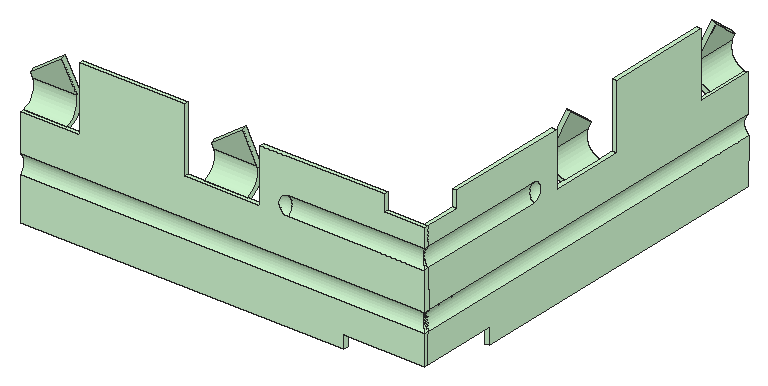
Revit family "tbarjoint_cross2", category 機械設備, Revit 2022
Family settings
  丸型コネクタ寸法 = 直径を使用
  種別 = なし
  パーツ タイプ = 標準
  作業面ベース = いいえ
  常に垂直 = はい
  ロード時にボイドで切り取り = いいえ
  注釈の向きを維持 = いいえ
  共有 = いいえ
  部屋計算ポイント = いいえ
Parameters
  製造元 = "株式会社桐井製作所"
  既定の高さ = 0 mm
  URL = "https://www.kirii.co.jp/"
  K_板厚(mm) = 0.8 mm
  K_材質 = "溶融亜鉛めっき鋼板及び鋼帯 SGCC 一般用"
  K_品名 = "TバークロスジョイントⅡ(eT4015、eY4815)"
  K_名称 = "Tバージョイント"
  K_入数 = "300"
  K_バージョン情報 = "20220411"
  K_めっき付着量 = "Z12"
  K_JIS規格 = "JIS G 3302"
Reference planes
  plane 1 "中心(正面/背面)": y = 0
  plane 2: z = 0
  plane 3 "中心(左/右)": x = 0
Forms (mm)
  Extrusion 1, void
    sketch origin (0, 0, 0) x (1, 0, 0) y (0, 0, 1)
      loop
        line (-74.2, 31) -> (-74.2, 19) -> (-63.2, 19) -> (-63.2, 31) -> (-74.2, 31)
    from 0 to 0.8
  Extrusion 2, void
    sketch origin (0, 0, 0) x (0, 1, 0) y (0, 0, 1)
      loop
        line (74.2, 31) -> (63.2, 31) -> (63.2, 19) -> (74.2, 19) -> (74.2, 31)
    from 0 to 0.8
  Extrusion 3, void
    sketch origin (0, 0, 0) x (0, 1, 0) y (0, 0, 1)
      loop
        line (43.7, 31) -> (-0.8, 31) -> (-0.8, 26) -> (6.7, 26) -> (6.7, 29) -> (29.7, 29) -> (29.7, 19) -> (43.7, 19) -> (43.7, 31)
    from 0 to 0.8
  Extrusion 4, void
    sketch origin (0, -0.8, 0) x (-1, 0, 0) y (0, 0, 1)
      loop
        line (43.7, 31) -> (-0.8, 31) -> (-0.8, 26) -> (6.7, 26) -> (6.7, 29) -> (29.7, 29) -> (29.7, 19) -> (43.7, 19) -> (43.7, 31)
    from 0 to 0.8
  Extrusion 5, solid, material "06補強金具・金具・その他"
    sketch origin (0.8, 0, -0.821) x (0, -1, 0) y (0, 0, -1)
      loop
        line (1.101, -31.507) -> (-2.199, -24.083)
        arc (-2.199, -24.083) -> (-2.047, -21.458) -> (0, -19.821) r 3.2
        line (0, -19.821) -> (0, -19)
        arc (0, -19) -> (-2.72, -21.019) -> (-2.915, -24.402) r 4
        line (-2.915, -24.402) -> (0.37, -31.831) -> (1.101, -31.507)
    from -75 to -67
  Extrusion 6, void
    sketch origin (0.8, 12.222, 2.684) x (1, 0, 0) y (0, 0.406186, -0.913791)
      loop
        line (-75, -24.287) -> (-75, -31) -> (-67, -31) -> (-75, -24.287)
    from -0.8 to 0
  Extrusion 7, solid, material "06補強金具・金具・その他"
    sketch origin (34.3, 0, -0.821) x (0, -1, 0) y (0, 0, -1)
      loop
        line (1.101, -31.507) -> (-2.199, -24.083)
        arc (-2.199, -24.083) -> (-2.047, -21.458) -> (0, -19.821) r 3.2
        line (0, -19.821) -> (0, -19)
        arc (0, -19) -> (-2.72, -21.019) -> (-2.915, -24.402) r 4
        line (-2.915, -24.402) -> (0.37, -31.831) -> (1.101, -31.507)
    from -75 to -67
  Extrusion 8, void
    sketch origin (34.3, 12.222, 2.684) x (1, 0, 0) y (0, 0.406186, -0.913791)
      loop
        line (-75, -24.287) -> (-75, -31) -> (-67, -31) -> (-75, -24.287)
    from -0.8 to 0
  Extrusion 9, solid, material "06補強金具・金具・その他"
    sketch origin (0, -0.8, -0.821) x (1, 0, 0) y (0, 0, 1)
      loop
        line (1.101, 31.507) -> (0.37, 31.831) -> (-2.915, 24.402)
        arc (-2.915, 24.402) -> (-2.72, 21.019) -> (0, 19) r 4
        line (0, 19) -> (0, 19.821)
        arc (0, 19.821) -> (-2.047, 21.458) -> (-2.199, 24.083) r 3.2
        line (-2.199, 24.083) -> (1.101, 31.507)
    from -75 to -67
  Extrusion 10, solid, material "06補強金具・金具・その他"
    sketch origin (0, -34.3, -0.821) x (1, 0, 0) y (0, 0, 1)
      loop
        line (1.101, 31.507) -> (0.37, 31.831) -> (-2.915, 24.402)
        arc (-2.915, 24.402) -> (-2.72, 21.019) -> (0, 19) r 4
        line (0, 19) -> (0, 19.821)
        arc (0, 19.821) -> (-2.047, 21.458) -> (-2.199, 24.083) r 3.2
        line (-2.199, 24.083) -> (1.101, 31.507)
    from -75 to -67
  Extrusion 11, void
    sketch origin (-12.222, -0.8, 2.684) x (0, -1, 0) y (0.406186, 0, 0.913791)
      loop
        line (-75, 24.287) -> (-67, 31) -> (-75, 31) -> (-75, 24.287)
    from -0.8 to 0
  Extrusion 12, void
    sketch origin (-12.222, -34.3, 2.684) x (0, -1, 0) y (0.406186, 0, 0.913791)
      loop
        line (-75, 24.287) -> (-67, 31) -> (-75, 31) -> (-75, 24.287)
    from -0.8 to 0
  Sweep 13, solid, material "06補強金具・金具・その他"
    path in 3D
      loop
        line (-24.202, 0, 20.75) -> (0, 0, 20.75) -> (0, 24.432, 20.75)
    profile origin (-12.101, 0, 20.75) x (0, 1, 0) y (0, 0, 1)
      loop
        line (0, 1.743) -> (0, -1.757)
        arc (0, -1.757) -> (0.8, -0.007) -> (0, 1.743) r 2.314
  Revolve 14, solid, material "06補強金具・金具・その他"
    sketch origin (-24.202, 0, -0.007) x (0, -1, 0) y (0, 0, -1)
      loop
        line (0, -20.75) -> (0, -19)
        arc (0, -19) -> (-0.591, -19.788) -> (-0.8, -20.75) r 2.314
        line (-0.8, -20.75) -> (0, -20.75)
      axis (0, -20.75) -> (-1, -20.75)
    angle from 0 to 360
  Revolve 15, solid, material "06補強金具・金具・その他"
    sketch origin (0, 24.432, -0.007) x (1, 0, 0) y (0, 0, -1)
      loop
        line (0, -20.75) -> (0, -19)
        arc (0, -19) -> (-0.591, -19.788) -> (-0.8, -20.75) r 2.314
        line (-0.8, -20.75) -> (0, -20.75)
      axis (0, -20.75) -> (-1, -20.75)
    angle from 0 to 360
  Extrusion 16, void
    sketch origin (0, 0, 0) x (0, 1, 0) y (0, 0, 1)
      loop
        line (14.2, 3) -> (-0.8, 3) -> (-0.8, 0) -> (14.2, 0) -> (14.2, 3)
    from 0 to 0.8
  Extrusion 17, void
    sketch origin (0, 0, 0) x (1, 0, 0) y (0, 0, 1)
      loop
        line (0.8, 3) -> (-14.2, 3) -> (-14.2, 0) -> (0.8, 0) -> (0.8, 3)
    from 0 to 0.8
  Extrusion 18, void
    sketch origin (0, 0, 0) x (1, 0, 0) y (0, 0, 1)
      loop
        arc (0.8, 22.493) -> (0, 20.743) -> (0.8, 18.993) r 2.314
        line (0.8, 18.993) -> (0.8, 22.493)
    from -24.432 to 0.8
  Revolve 19, void
    sketch origin (0, 24.432, 0) x (1, 0, 0) y (0, 0, 1)
      loop
        arc (0.8, 22.493) -> (0.209, 21.705) -> (0, 20.743) r 2.314
        line (0, 20.743) -> (0.8, 20.743) -> (0.8, 22.493)
      axis (0.8, 20.743) -> (-0.2, 20.743)
    angle from 0 to 360
  Extrusion 20, void
    sketch origin (0, 0, 0) x (0, -1, 0) y (0, 0, -1)
      loop
        line (0.8, -22.493) -> (0.8, -18.993)
        arc (0.8, -18.993) -> (0, -20.743) -> (0.8, -22.493) r 2.314
    from -24.432 to 0.8
  Revolve 21, void
    sketch origin (-24.432, 0, 0) x (0, -1, 0) y (0, 0, -1)
      loop
        line (0.8, -22.493) -> (0.8, -20.743) -> (0, -20.743)
        arc (0, -20.743) -> (0.209, -21.705) -> (0.8, -22.493) r 2.314
      axis (0.8, -20.743) -> (-0.2, -20.743)
    angle from 0 to 360
  Extrusion 22, solid, material "06補強金具・金具・その他"
    sketch origin (0, 0, 0) x (1, 0, 0) y (0, 0, 1)
      loop
        line (0.8, 11.963) -> (0.8, 31) -> (0, 31) -> (0, 11.994)
        arc (0, 11.994) -> (-0.8, 10.244) -> (0, 8.494) r 2.314
        line (0, 8.494) -> (0, 0) -> (0.8, 0) -> (0.8, 8.463)
        arc (0.8, 8.463) -> (0, 10.213) -> (0.8, 11.963) r 2.314
    from -74.2 to 0
  Extrusion 23, solid, material "06補強金具・金具・その他"
    sketch origin (0, 0, 0) x (0, 1, 0) y (0, 0, 1)
      loop
        line (0, 11.994) -> (0, 31) -> (-0.8, 31) -> (-0.8, 11.963)
        arc (-0.8, 11.963) -> (0, 10.213) -> (-0.8, 8.463) r 2.314
        line (-0.8, 8.463) -> (-0.8, 0.622) -> (0, 0.622) -> (0, 8.494)
        arc (0, 8.494) -> (0.8, 10.244) -> (0, 11.994) r 2.314
    from -74.2 to 0.8
  Extrusion 24, void
    sketch origin (0, 0, 0) x (1, 0, 0) y (0, 0, 1)
      loop
        line (0.8, 8.463) -> (0.8, 11.963)
        arc (0.8, 11.963) -> (0, 10.213) -> (0.8, 8.463) r 2.314
    from -0.8 to 0.8
Cuts and joins
  Extrusion 1, Extrusion 4, Extrusion 17, Extrusion 18, Extrusion 20, Revolve 21, Extrusion 24 cuts Extrusion 23
  Extrusion 6, Extrusion 16, Extrusion 17, Extrusion 18, Extrusion 20, Revolve 21 cuts Extrusion 5
  Extrusion 8, Extrusion 16, Extrusion 17, Extrusion 18, Extrusion 20, Revolve 21 cuts Extrusion 7
  Extrusion 11, Extrusion 16, Extrusion 17, Extrusion 18, Extrusion 20, Revolve 21 cuts Extrusion 9
  Extrusion 12, Extrusion 16, Extrusion 17, Extrusion 18, Extrusion 20, Revolve 21 cuts Extrusion 10
  Extrusion 16, Extrusion 17, Extrusion 18, Extrusion 20, Revolve 21 cuts Sweep 13
  Extrusion 16, Extrusion 17, Extrusion 18, Extrusion 20, Revolve 21 cuts Revolve 14
  Extrusion 16, Extrusion 17, Extrusion 18, Extrusion 20, Revolve 21 cuts Revolve 15
  Extrusion 2, Extrusion 3, Extrusion 16, Extrusion 18, Revolve 19, Extrusion 24 cuts Extrusion 22
  joined: Extrusion 5, Extrusion 7, Extrusion 9, Extrusion 10, Sweep 13, Revolve 14, Revolve 15, Extrusion 22
Lines and regions (mm)
  sketch lines
    curve 1: line (-24.202, 0, 20.75) -> (0, 0, 20.75)
    curve 2: line (0, 0, 20.75) -> (0, 24.432, 20.75)
Dimensions and locks
  aligned and locked: level to plane 2
